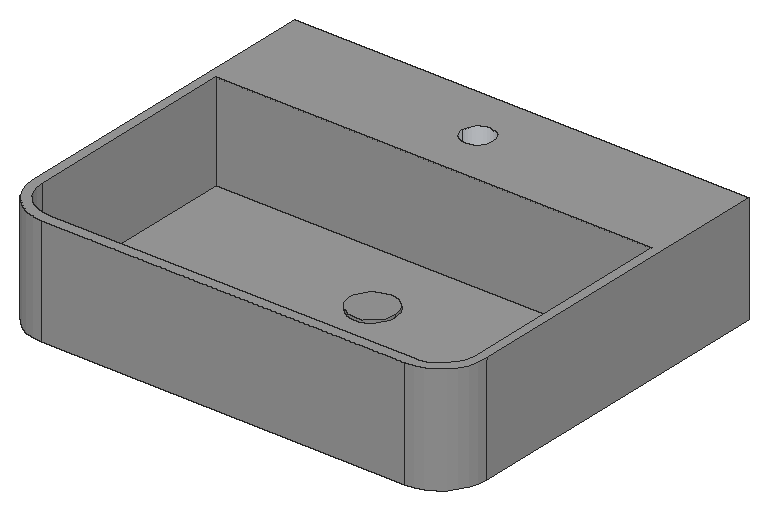
Revit family "L.CLIO", category Plumbing Fixtures, Revit 2019
Family settings
  Round Connector Dimension = Use Diameter
  Part Type = Normal
  OmniClass Number = 23.45.00.00
  OmniClass Title = Sanitary, Laundry, and Cleaning Equipment
  Work Plane-Based = No
  Always vertical = Yes
  Cut with Voids When Loaded = No
  Shared = No
  Room Calculation Point = No
Reference planes
  plane 1 "Center (Front/Back)": y = 0
  plane 2: z = 0
  plane 3 "Center (Left/Right)": x = 0
Forms (mm)
  Extrusion 1, solid
    sketch origin (0, 0, 0) x (1, 0, 0) y (0, 1, 0)
      loop
        line (50, 0) -> (450, 0)
        arc (450, 0) -> (485.355, 14.645) -> (500, 50) r 50
        line (500, 50) -> (500, 410) -> (0, 410) -> (0, 50)
        arc (0, 50) -> (14.645, 14.645) -> (50, 0) r 50
    from 0 to 120
  Extrusion 2, void
    sketch origin (0, 0, 0) x (1, 0, 0) y (0, 1, 0)
      loop
        arc (10, 50) -> (21.716, 21.716) -> (50, 10) r 40
        line (50, 10) -> (450, 10)
        arc (450, 10) -> (478.284, 21.716) -> (490, 50) r 40
        line (490, 50) -> (490, 290) -> (10, 290) -> (10, 50)
    from 13.08 to 120
  Extrusion 3, solid
    sketch origin (0, 0, 0) x (1, 0, 0) y (0, 1, 0)
      loop
        circle (250, 205) r 25
    from 13.08 to 15.736
  Extrusion 4, void
    sketch origin (0, 0, 0) x (1, 0, 0) y (0, 1, 0)
      loop
        circle (250, 350) r 17
    from 0 to 120
Cuts and joins
  Extrusion 2, Extrusion 4 cuts Extrusion 1
Dimensions and locks
  aligned and locked: level to plane 2
